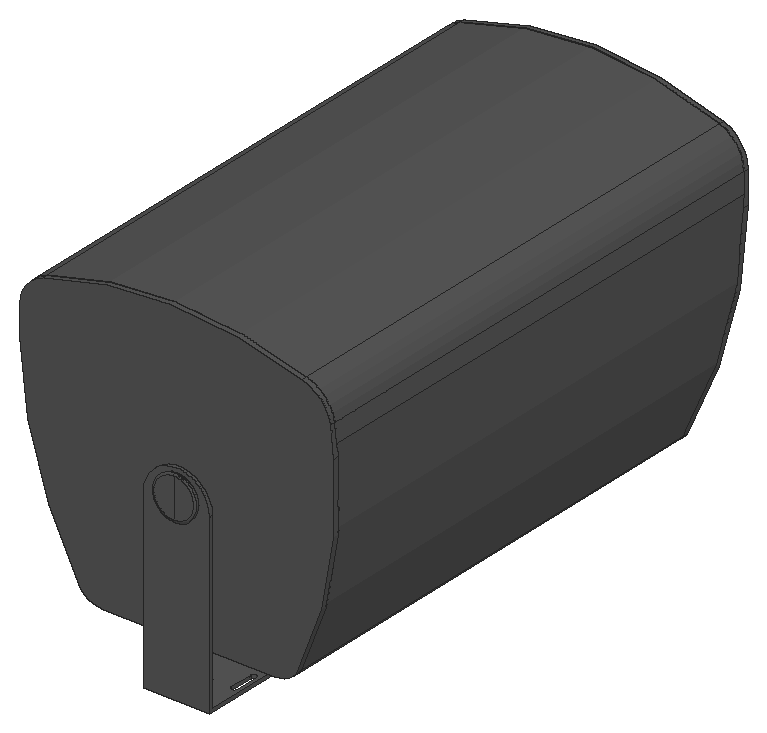
Revit family "Electronics_Desono_Biamp_Two-Way-High-Coaxial-Surface-Mount-Loudspeaker_EX-S10SUB", category Communication Devices, host Face, Revit 2020
Family settings
  Host = Face
  Maintain Annotation Orientation = No
  Round Connector Dimension = Use Diameter
  Part Type = Normal
  OmniClass Number = 23.85.10.11.14.14.14
  Cut with Voids When Loaded = No
  Shared = No
  Room Calculation Point = No
Parameters (values of type "EX-S10SUB-UB B")
  Width = 1' - 0.20472"  # constant formula
  Weight = 28.2192 lbf  # constant formula
  Vertical angle [instance] = 0.00°
  URL = "https://www.biamp.com/"
  Transducers = "LF  1 x 10 (250 mm) treated paper cone"  # constant formula
  Sensitivity = "89 dB (2.83 V); 89 dB (1 W, 8 Ω nominal impedance)"  # constant formula
  Rotate bracket [instance] = if(Portrait, 0.00°, 90.00°)  # 0.00°
  Required Accessory = "35 Hz, 18 dB high-pass flter; DSP preset"  # constant formula
  Recommended Amplifers = "300 W - 600 W, 8 Ω (49 V - 69 V)"  # constant formula
  Rated Maximum SPL = "UXO 80Hz -Peak - 122dB - Continuous 110dB; UXO125Hz - Peak - 123dB - Continuous - 111dB"  # constant formula
  Rated Continuous Voltage = "39.8 V (32 dBV)"  # constant formula
  Product data url = "https://bimobject.com/biamp/product/desono-ex-s10sub_desono-surface-mount"
  Product Page URL = "https://www.biamp.com/products/product-families/desono/surface-mount-loudspeakers#desono-ex-s10sub"
  Product Documentation Link = "https://downloads.biamp.com/assets/docs/default-source/data-sheets/biamp_data_sheet_desono_ex-s10sub_surface_mount_subwoofer_mar22.pdf"
  Portrait [instance] = yes
  Offset speaker [instance] = if(and(EXUB, Landscape), 0' 5.88189", if(and(EXUB, Portrait), 0' 4.90945", 1' 0.79528"))  # 0' - 4.90945"
  Offset [instance] = if(and(EXUB, Landscape), 0' 6.01969", if(and(EXUB, Portrait), 0' 7.00394", 0' 2.48425"))  # 0' - 7.00394"
  Nom Vertical angle [instance] = if(and(and(Portrait, not(EXUB)), or(Vertical angle < -32.00°, Vertical angle = -32.00°)), -32.00°, if(and(and(Portrait, not(EXUB)), and(Vertical angle > -32.00°, Vertical angle < 24.00°)), Vertical angle, if(and(and(Portrait, not(EXUB)), or(Vertical angle > 24.00°, Vertical angle = 24.00°)), 24.00°, if(and(and(Landscape, not(EXUB)), or(Vertical angle < -56.00°, Vertical angle = -56.00°)), -56.00°, if(and(and(Landscape, not(EXUB)), and(Vertical angle > -56.00°, Vertical angle < 40.00°)), Vertical angle, if(and(and(Landscape, not(EXUB)), or(Vertical angle > 40.00°, Vertical angle = 40.00°)), 40.00°, if(and(and(EXUB, Landscape), or(Vertical angle < -100.00°, Vertical angle = -100.00°)), -100.00°, if(and(and(EXUB, Landscape), and(Vertical angle > -100.00°, Vertical angle < 100.00°)), Vertical angle, if(and(and(EXUB, Landscape), or(Vertical angle > 100.00°, Vertical angle = 100.00°)), 100.00°, 0.00°)))))))))  # 0.00°
  Nom Horizontal angle [instance] = if(and(and(Portrait, not(EXUB)), or(Horizontal angle < -60.00°, Horizontal angle = -60.00°)), -60.00°, if(and(and(Portrait, not(EXUB)), and(Horizontal angle > -60.00°, Horizontal angle < 60.00°)), Horizontal angle, if(and(and(Portrait, not(EXUB)), or(Horizontal angle > 60.00°, Horizontal angle = 60.00°)), 60.00°, if(and(and(Landscape, not(EXUB)), or(Horizontal angle < -24.00°, Horizontal angle = -24.00°)), -24.00°, if(and(and(Landscape, not(EXUB)), and(Horizontal angle > -24.00°, Horizontal angle < 24.00°)), Horizontal angle, if(and(and(Landscape, not(EXUB)), or(Horizontal angle > 24.00°, Horizontal angle = 24.00°)), 24.00°, if(and(Landscape, EXUB), 0.00°, if(and(and(EXUB, Portrait), or(Horizontal angle < -100.00°, Horizontal angle = -100.00°)), -100.00°, if(and(and(EXUB, Portrait), and(Horizontal angle > -100.00°, Horizontal angle < 100.00°)), Horizontal angle, if(and(and(EXUB, Portrait), or(Horizontal angle > 100.00°, Horizontal angle = 100.00°)), 100.00°, 0.00°))))))))))  # 0.00°
  Operating Range (-10dB) = "38 Hz to 140 Hz"  # constant formula
  Operating Mode = "Passive, low impedance"  # constant formula
  Operating Environment = "Indoor/Outdoor"  # constant formula
  Nominal Maximum SPL = "UXO 80Hz -Peak - 118dB - Continuous 112dB; UXO125Hz - Peak - 119dB - Continuous - 113dB"  # constant formula
  Nominal Continuous Power Handling = "49 V  (300 W, 8 Ω)"  # constant formula
  Mounting Provisions = "ClickMount pan-tilt bracket or ClickMount U-Bracket"  # constant formula
  Model = "EX-S10SUB-UB B"
  Manufacturer = "Biamp"  # constant formula
  Landscape [instance] = not(Portrait)  # no
  Input Connection = "Lever-actuated wire clamping 4-position terminal block with pass-through"  # constant formula
  Housing Material = Biamp - Plastic - Black
  Horizontal angle [instance] = 0.00°
  Height = 1' - 8.82677"  # constant formula
  Grill Material = Biamp - Plastic - Black(Grid)
  Finish = "Refer to the Technical Drawings (pages 2-3)"  # constant formula
  Environmental Rating = "IP54 per IEC 60529, IEC 60068-2-5 (Solar Radiation),IEC 60068-2-11 (Salt Mist), IEC 60068-2-42 (SO2),IEC 60068-2-60 (Chlorine)"  # constant formula
  EXUB_PRT [instance] = and(EXUB, Portrait)  # yes
  EXUB_LSP [instance] = and(EXUB, Landscape)  # no
  EXUB = yes
  Description = "Desono™ EX-S10SUB High Output 10 Surface Mount Subwoofer"  # constant formula
  Depth = 1' - 0.28346"  # constant formula
  Default Elevation = 4' - 0"
  Crossover / Protection = "1.48 kHz crossover, driver protection circuitry"  # constant formula
  Connector Description = "Terminal block; 40V 200W 8Ω Nominal Impedance"  # constant formula
  Compliance = "ETL listed to comply with UL 1480A,CSA STD C22.2# 62368-1"  # constant formula
  CMX-LG = no
  Bracket Material = Biamp - Plastic - Black
  Transformer = "70 V: 120 W, 60 W, 30 W, 15 W;  100 V: 120 W, 60 W, 30 W"  # constant formula
  Nominal Beamwidth (H x V) = "Omnidirectional"  # constant formula
  Angle note [instance] = if(EXUB, "This product has predetermined angles in 10 degree increments", "This product has predetermined aiming increments of 8 degrees in the vertical plane and 12 degrees in the horizontal plane")  # "This product has predetermined angles in 10 degree increments"
Reference planes (in)
  plane 1 "Center (Front/Back)": y = 0
  plane 2: z = 0
  plane 3 "Center (Left/Right)": x = 0
Forms (in)
  Sweep 1, solid, material "Biamp - Plastic - Black" <- "Bracket Material", visible <- "EXUB", detail levels coarse
    path origin (0, 0, 0) x (0, 1, 0) y (-1, 0, 0)
      loop
        line (0, -1.30466) -> (0, 1.29377)
    profile origin (0.00545, 0, 0) x (0, -1, 0) y (0, 0, 1)
      loop
        line (10.62992, 0) -> (10.62992, 8.46457) -> (10.51181, 8.46457) -> (10.51181, 0.11811) -> (-10.51181, 0.11811) -> (-10.51181, 8.46457) -> (-10.62992, 8.46457) -> (-10.62992, 0) -> (10.62992, 0)
  Sweep 2, solid, material "Biamp - Plastic - Black" <- "Bracket Material", visible <- "EXUB", detail levels medium+fine
    path origin (0, 0, 0) x (0, 1, 0) y (-1, 0, 0)
      loop
        line (0, -1.30466) -> (0, 1.29377)
    profile origin (0.00545, 0, 0) x (0, -1, 0) y (0, 0, 1)
      loop
        line (10.17717, 0) -> (10.17717, 8.46457) -> (10.05906, 8.46457) -> (10.05906, 0.11811) -> (-10.05906, 0.11811) -> (-10.05906, 8.46457) -> (-10.17717, 8.46457) -> (-10.17717, 0) -> (10.17717, 0)
  Sweep 3, void
    path origin (0, 0, 0) x (0, 1, 0) y (-1, 0, 0)
      loop
        line (-10.62992, -0.00545) -> (10.62992, -0.00545)
    profile origin (0.00545, 0, 0) x (-1, 0, 0) y (0, 0, 1)
      loop
        line (1.29921, 6.88976) -> (1.29921, 8.46457) -> (-1.29921, 8.46457) -> (-1.29921, 6.88976)
        arc (-1.29921, 6.88976) -> (0, 8.18898) -> (1.29921, 6.88976) r 1.29921
  Sweep 4, void
    path origin (0, 0, 0) x (0, 1, 0) y (-1, 0, 0)
      loop
        line (-10.62992, -0.00545) -> (10.62992, -0.00545)
    profile origin (0.00545, 0, 0) x (-1, 0, 0) y (0, 0, 1)
      loop
        circle (0, 7.16535) r 0.19685
  Extrusion 5, void
    sketch origin (0, 0, 0) x (0, 1, 0) y (-1, 0, 0)
      loop
        circle (0, 0) r 0.25591
      loop
        arc (-8.9199, -0.08488) -> (-8.75984, -0.24494) -> (-8.59978, -0.08488) r 0.16006
        line (-8.59978, -0.08488) -> (-8.59978, 0.08488)
        arc (-8.59978, 0.08488) -> (-8.75984, 0.24494) -> (-8.9199, 0.08488) r 0.16006
        line (-8.9199, 0.08488) -> (-8.9199, -0.08488)
      loop
        arc (-8.63769, 1.16373) -> (-8.75984, 1.04158) -> (-8.63769, 0.91942) r 0.12216
        line (-8.63769, 0.91942) -> (-7.7009, 0.91942)
        arc (-7.7009, 0.91942) -> (-7.57874, 1.04158) -> (-7.7009, 1.16373) r 0.12216
        line (-7.7009, 1.16373) -> (-8.63769, 1.16373)
      loop
        line (-8.63769, -1.16373) -> (-7.7009, -1.16373)
        arc (-7.7009, -1.16373) -> (-7.57874, -1.04158) -> (-7.7009, -0.91942) r 0.12216
        line (-7.7009, -0.91942) -> (-8.63769, -0.91942)
        arc (-8.63769, -0.91942) -> (-8.75984, -1.04158) -> (-8.63769, -1.16373) r 0.12216
      loop
        arc (-3.07087, 0.25591) -> (-3.32677, 0) -> (-3.07087, -0.25591) r 0.25591
        line (-3.07087, -0.25591) -> (-2.20472, -0.25591)
        arc (-2.20472, -0.25591) -> (-1.94882, 0) -> (-2.20472, 0.25591) r 0.25591
        line (-2.20472, 0.25591) -> (-3.07087, 0.25591)
      loop
        line (8.9199, -0.08488) -> (8.9199, 0.08488)
        arc (8.9199, 0.08488) -> (8.75984, 0.24494) -> (8.59978, 0.08488) r 0.16006
        line (8.59978, 0.08488) -> (8.59978, -0.08488)
        arc (8.59978, -0.08488) -> (8.75984, -0.24494) -> (8.9199, -0.08488) r 0.16006
      loop
        line (8.63769, 1.16373) -> (7.7009, 1.16373)
        arc (7.7009, 1.16373) -> (7.57874, 1.04158) -> (7.7009, 0.91942) r 0.12216
        line (7.7009, 0.91942) -> (8.63769, 0.91942)
        arc (8.63769, 0.91942) -> (8.75984, 1.04158) -> (8.63769, 1.16373) r 0.12216
      loop
        arc (8.63769, -1.16373) -> (8.75984, -1.04158) -> (8.63769, -0.91942) r 0.12216
        line (8.63769, -0.91942) -> (7.7009, -0.91942)
        arc (7.7009, -0.91942) -> (7.57874, -1.04158) -> (7.7009, -1.16373) r 0.12216
        line (7.7009, -1.16373) -> (8.63769, -1.16373)
      loop
        line (3.07087, 0.25591) -> (2.20472, 0.25591)
        arc (2.20472, 0.25591) -> (1.94882, 0) -> (2.20472, -0.25591) r 0.25591
        line (2.20472, -0.25591) -> (3.07087, -0.25591)
        arc (3.07087, -0.25591) -> (3.32677, 0) -> (3.07087, 0.25591) r 0.25591
    from 0 to 0.63058
  Revolve 6, solid, material "Biamp - Plastic - Black" <- "Bracket Material", visible <- "EXUB", detail levels medium+fine
    sketch origin (0, 0, 0) x (0, 1, 0) y (0, 0, 1)
      loop
        line (10.17717, 7.35301) -> (9.78346, 7.35301) -> (9.78346, 7.16597) -> (10.2916, 7.16597) -> (10.2916, 7.94968)
        arc (10.2916, 7.94968) -> (10.28224, 7.99191) -> (10.25591, 8.02622) r 0.09992
        line (10.25591, 8.02622) -> (10.17717, 8.02622) -> (10.17717, 7.35301)
      loop
        line (-10.17717, 7.35301) -> (-10.17717, 8.02622) -> (-10.25591, 8.02622)
        arc (-10.25591, 8.02622) -> (-10.28224, 7.99191) -> (-10.2916, 7.94968) r 0.09992
        line (-10.2916, 7.94968) -> (-10.2916, 7.16597) -> (-9.78346, 7.16597) -> (-9.78346, 7.35301) -> (-10.17717, 7.35301)
      axis (10.2916, 7.16597) -> (-10.2916, 7.16597)
    angle from 0 to 360
Cuts and joins
  Sweep 3, Sweep 4, Extrusion 5 cuts Sweep 2
  Extrusion 5 cuts Sweep 1
Lines and regions (in)
  Masking region 1, visible <- "EXUB_PRT"
    outline origin (0, 0, 0) x (1, 0, 0) y (0, 0, 1)
      loop
        arc (0.00545, 8.18898) -> (-0.91323, 7.80845) -> (-1.29377, 6.88976) r 1.29921
        line (-1.29377, 6.88976) -> (-1.29377, 0) -> (1.30466, 0) -> (1.30466, 6.88976)
        arc (1.30466, 6.88976) -> (0.92413, 7.80845) -> (0.00545, 8.18898) r 1.29921
  Masking region 2, visible <- "EXUB_PRT"
    outline origin (0, 0, 1.22109) x (1, 0, 0) y (0, 0, 1)
      loop
        circle (0, 5.94488) r 0.86025
  Masking region 3, visible <- "EXUB_LSP", detail levels medium+fine
    outline origin (0, 0, 0) x (1, 0, 0) y (0, 0, 1)
      loop
        line (-10.05906, 0.11811) -> (-10.05906, 8.1823) -> (-10.17717, 8.1823) -> (-10.17717, 0) -> (10.17717, 0) -> (10.17717, 8.1823) -> (10.05906, 8.1823) -> (10.05906, 0.11811) -> (-10.05906, 0.11811)
  Masking region 4, visible <- "EXUB_LSP", detail levels coarse
    outline origin (0, 0, 0) x (1, 0, 0) y (0, 0, 1)
      loop
        line (-10.05906, 0.11811) -> (-10.05906, 8.1823) -> (-10.17717, 8.1823) -> (-10.17717, 0) -> (10.17717, 0) -> (10.17717, 8.1823) -> (10.05906, 8.1823) -> (10.05906, 0.11811) -> (-10.05906, 0.11811)
  Masking region 5, visible <- "EXUB_LSP", detail levels medium+fine
    outline origin (0, 0, 0) x (1, 0, 0) y (0, 0, 1)
      loop
        line (-10.17717, 8.02622) -> (-10.25591, 8.02622)
        arc (-10.25591, 8.02622) -> (-10.28405, 7.99094) -> (-10.2941, 7.94693) r 0.10141
        line (-10.2941, 7.94693) -> (-10.2941, 6.38501)
        arc (-10.2941, 6.38501) -> (-10.28405, 6.341) -> (-10.25591, 6.30572) r 0.10141
        line (-10.25591, 6.30572) -> (-10.17717, 6.30572) -> (-10.17717, 6.97893) -> (-9.78346, 6.97893) -> (-9.78346, 7.35301) -> (-10.17717, 7.35301) -> (-10.17717, 8.02622)
      loop
        line (10.17717, 8.02622) -> (10.17717, 7.35301) -> (9.78346, 7.35301) -> (9.78346, 6.97893) -> (10.17717, 6.97893) -> (10.17717, 6.30572) -> (10.25591, 6.30572)
        arc (10.25591, 6.30572) -> (10.28405, 6.341) -> (10.2941, 6.38501) r 0.10141
        line (10.2941, 6.38501) -> (10.2941, 7.94693)
        arc (10.2941, 7.94693) -> (10.28405, 7.99094) -> (10.25591, 8.02622) r 0.10141
        line (10.25591, 8.02622) -> (10.17717, 8.02622)
  Masking region 6, visible <- "EXUB_PRT", detail levels medium+fine
    outline origin (0, 0, 0) x (0, 1, 0) y (0, 0, 1)
      loop
        line (10.17717, 8.18898) -> (10.05906, 8.18898) -> (10.05906, 0.11811) -> (-10.05906, 0.11811) -> (-10.05906, 8.18898) -> (-10.17717, 8.18898) -> (-10.17717, 0) -> (10.17717, 0) -> (10.17717, 8.18898)
  Masking region 7, visible <- "EXUB_PRT", detail levels coarse
    outline origin (0, 0, 0) x (0, 1, 0) y (0, 0, 1)
      loop
        line (10.17717, 8.18898) -> (10.05906, 8.18898) -> (10.05906, 0.11811) -> (-10.05906, 0.11811) -> (-10.05906, 8.18898) -> (-10.17717, 8.18898) -> (-10.17717, 0) -> (10.17717, 0) -> (10.17717, 8.18898)
  Masking region 8, visible <- "EXUB_PRT", detail levels medium+fine
    outline origin (0, 0, 0) x (0, 1, 0) y (0, 0, 1)
      loop
        line (10.17717, 8.02622) -> (10.17717, 7.35301) -> (9.78346, 7.35301) -> (9.78346, 6.97893) -> (10.17717, 6.97893) -> (10.17717, 6.30572) -> (10.25591, 6.30572)
        arc (10.25591, 6.30572) -> (10.28286, 6.34813) -> (10.29228, 6.39749) r 0.13396
        line (10.29228, 6.39749) -> (10.29228, 7.93445)
        arc (10.29228, 7.93445) -> (10.28286, 7.98381) -> (10.25591, 8.02622) r 0.13396
        line (10.25591, 8.02622) -> (10.17717, 8.02622)
      loop
        line (-10.17717, 8.02622) -> (-10.25591, 8.02622)
        arc (-10.25591, 8.02622) -> (-10.28286, 7.98381) -> (-10.29228, 7.93445) r 0.13396
        line (-10.29228, 7.93445) -> (-10.29228, 6.39749)
        arc (-10.29228, 6.39749) -> (-10.28286, 6.34813) -> (-10.25591, 6.30572) r 0.13396
        line (-10.25591, 6.30572) -> (-10.17717, 6.30572) -> (-10.17717, 6.97893) -> (-9.78346, 6.97893) -> (-9.78346, 7.35301) -> (-10.17717, 7.35301) -> (-10.17717, 8.02622)
  Masking region 9, visible <- "EXUB_LSP"
    outline origin (0, 0, 0) x (0, 1, 0) y (0, 0, 1)
      loop
        arc (-0.00545, 8.18898) -> (-0.92413, 7.80845) -> (-1.30466, 6.88976) r 1.29921
        line (-1.30466, 6.88976) -> (-1.30466, 0) -> (1.29377, 0) -> (1.29377, 6.88976)
        arc (1.29377, 6.88976) -> (0.91323, 7.80845) -> (-0.00545, 8.18898) r 1.29921
  Masking region 10, visible <- "EXUB_LSP"
    outline origin (0, 0, 0) x (0, 1, 0) y (0, 0, 1)
      loop
        circle (0, 7.16597) r 0.86025
  reference lines
    curve 1: line (0, 0, 0) -> (0, 23.62205, 0)
Dimensions and locks (in)
  "Rotate bracket": angle curve 1 to plane 3 "Center (Left/Right)"
  aligned and locked: plane 2 to host face
  aligned and locked: level to host face
  aligned and locked: plane 1 "Center (Front/Back)" to curve 1
  aligned and locked: plane 3 "Center (Left/Right)" to curve 1
Automatic sketch dimensions
  host sketch curve to host sketch curve = 8' - 0"  (x2)
  curve 1 to Sweep 1 sketch curve = 0' - 0"
  curve 1 to Sweep 1 sketch curve = 0' - 1.30466"
  Sweep 1 sketch curve to Sweep 1 sketch curve = 0' - 2.59843"
  Sweep 2 sketch curve to curve 1 = 0' - 0"
  Sweep 2 sketch curve to curve 1 = 0' - 1.30466"
  curve 1 to Sweep 2 sketch curve = 0' - 1.29377"
  Sweep 3 sketch curve to profile plane = 0' - 0"
  Sweep 3 sketch curve to profile plane = 0' - 1.29921"
  level to Sweep 3 sketch curve = 0' - 6.88976"
  Sweep 3 sketch curve to Sweep 3 sketch curve = 0' - 1.5748"
  curve 1 to Sweep 4 sketch curve = 0' - 0.00545"
  Sweep 4 sketch curve to curve 1 = 0' - 10.62992"
  curve 1 to Sweep 4 sketch curve = 0' - 10.62992"
  curve 1 to Sweep 3 sketch curve = 0' - 0.00545"
  Sweep 3 sketch curve to curve 1 = 0' - 10.62992"
  curve 1 to Sweep 3 sketch curve = 0' - 10.62992"
  Extrusion 5 sketch curve to curve 1 = 0' - 0"  (x3)
  curve 1 to Extrusion 5 sketch curve = 0' - 0"
  Extrusion 5 sketch curve to Extrusion 5 sketch curve = 0' - 2.20472"
  curve 1 to Extrusion 5 sketch curve = 0' - 0.25591"  (x2)
  Extrusion 5 sketch curve to Extrusion 5 sketch curve = 0' - 0.86614"  (x2)
  curve 1 to Extrusion 5 sketch curve = 0' - 1.04158"
  Extrusion 5 sketch curve to Extrusion 5 sketch curve = 0' - 4.63003"  (x2)
  Extrusion 5 sketch curve to curve 1 = 0' - 0.91942"
  Extrusion 5 sketch curve to Extrusion 5 sketch curve = 0' - 0"  (x2)
  Extrusion 5 sketch curve to curve 1 = 0' - 0.08488"  (x2)
  Extrusion 5 sketch curve to Extrusion 5 sketch curve = 0' - 0.89889"  (x2)
  Extrusion 5 sketch curve to Extrusion 5 sketch curve = 0' - 0.93679"  (x3)
  Extrusion 5 sketch curve to Extrusion 5 sketch curve = 0' - 0.16006"  (x2)
  curve 1 to Extrusion 5 sketch curve = 0' - 2.20472"
  curve 1 to Extrusion 5 sketch curve = 0' - 0.91942"
  Extrusion 5 sketch curve to curve 1 = 0' - 1.16373"
  Extrusion 5 sketch curve to Extrusion 5 sketch curve = 0' - 0.03791"
  Extrusion 5 sketch curve to Extrusion 5 sketch curve = 0' - 0.24431"  (x2)
  Extrusion 5 sketch curve to Extrusion 5 sketch curve = 0' - 0.12216"  (x2)
  curve 1 to Extrusion 5 sketch curve = 0' - 0.08488"  (x2)
  Revolve 6 sketch curve to curve 1 = 0' - 10.2916"
  Revolve 6 sketch curve to Revolve 6 sketch curve = 0' - 0.03569"  (x2)
  Revolve 6 sketch curve to Revolve 6 sketch curve = 0' - 0.06423"
  Revolve 6 sketch curve to Revolve 6 sketch curve = 0' - 0.11443"
  Revolve 6 sketch curve to Revolve 6 sketch curve = 0' - 0.3937"  (x2)
  curve 1 to Revolve 6 sketch curve = 0' - 9.78346"
  Revolve 6 sketch curve to Revolve 6 sketch curve = 0' - 0.01451"
  Revolve 6 sketch curve to Revolve 6 sketch curve = 0' - 0.07874"
  Revolve 6 sketch curve to curve 1 = 0' - 7.16597"  (x2)
  Revolve 6 sketch curve to Revolve 6 sketch curve = 0' - 0.18704"  (x2)
  Revolve 6 sketch curve to Revolve 6 sketch curve = 0' - 0.59667"  (x2)
  Revolve 6 sketch curve to Revolve 6 sketch curve = 0' - 0.21341"
  Revolve 6 sketch curve to Revolve 6 sketch curve = 0' - 0.35129"
  Revolve 6 sketch curve to Revolve 6 sketch curve = 0' - 0"
  Masking region 1 sketch curve to Masking region 1 sketch curve = 0' - 0"  (x2)
  Masking region 1 sketch curve to level = 0' - 0"
  Masking region 1 sketch curve to plane 3 "Center (Left/Right)" = 0' - 1.29377"
  plane 3 "Center (Left/Right)" to Masking region 1 sketch curve = 0' - 0.00545"
  Masking region 1 sketch curve to Masking region 1 sketch curve = 0' - 6.88976"
  Masking region 2 sketch curve to Masking region 2 sketch curve = 0' - 0"  (x2)
  Masking region 2 sketch curve to plane 3 "Center (Left/Right)" = 0' - 0"
  level to Masking region 2 sketch curve = 0' - 7.16597"
  Masking region 2 sketch curve to Masking region 2 sketch curve = 0' - 0.86025"
  Masking region 3 sketch curve to level = 0' - 0"
  Masking region 3 sketch curve to plane 3 "Center (Left/Right)" = 0' - 10.17717"
  Masking region 3 sketch curve to Masking region 3 sketch curve = 0' - 0.11811"  (x2)
  level to Masking region 3 sketch curve = 0' - 0.11811"
  plane 3 "Center (Left/Right)" to Masking region 3 sketch curve = 0' - 10.05906"
  Masking region 3 sketch curve to Masking region 3 sketch curve = 0' - 8.06419"  (x2)
  Masking region 4 sketch curve to level = 0' - 0"
  Masking region 4 sketch curve to plane 3 "Center (Left/Right)" = 0' - 10.17717"
  Masking region 4 sketch curve to Masking region 4 sketch curve = 0' - 0.11811"  (x2)
  plane 3 "Center (Left/Right)" to Masking region 4 sketch curve = 0' - 10.05906"
  level to Masking region 4 sketch curve = 0' - 0.11811"
  Masking region 4 sketch curve to Masking region 4 sketch curve = 0' - 8.06419"  (x2)
  Masking region 5 sketch curve to plane 3 "Center (Left/Right)" = 0' - 10.2941"
  Masking region 5 sketch curve to Masking region 5 sketch curve = 0' - 0.0382"  (x3)
  Masking region 5 sketch curve to Masking region 5 sketch curve = 0' - 0.06321"
  Masking region 5 sketch curve to Masking region 5 sketch curve = 0' - 0.10141"
  Masking region 5 sketch curve to Masking region 5 sketch curve = 0' - 0.01553"  (x3)
  Masking region 5 sketch curve to Masking region 5 sketch curve = 0' - 0.07874"  (x3)
  Masking region 5 sketch curve to Masking region 5 sketch curve = 0' - 0.3937"  (x2)
  plane 3 "Center (Left/Right)" to Masking region 5 sketch curve = 0' - 9.78346"
  Masking region 5 sketch curve to Masking region 5 sketch curve = 0' - 0"
  level to Masking region 5 sketch curve = 0' - 6.30572"  (x2)
  Masking region 5 sketch curve to Masking region 5 sketch curve = 0' - 0.59392"  (x4)
  Masking region 5 sketch curve to Masking region 5 sketch curve = 0' - 0.37408"  (x2)
  Masking region 6 sketch curve to level = 0' - 0"
  plane 1 "Center (Front/Back)" to Masking region 6 sketch curve = 0' - 10.17717"
  Masking region 6 sketch curve to Masking region 6 sketch curve = 0' - 0.11811"  (x2)
  Masking region 6 sketch curve to plane 1 "Center (Front/Back)" = 0' - 10.05906"
  level to Masking region 6 sketch curve = 0' - 0.11811"
  Masking region 6 sketch curve to Masking region 6 sketch curve = 0' - 8.07087"  (x2)
  Masking region 7 sketch curve to level = 0' - 0"
  plane 1 "Center (Front/Back)" to Masking region 7 sketch curve = 0' - 10.17717"
  Masking region 7 sketch curve to Masking region 7 sketch curve = 0' - 0.11811"  (x2)
  Masking region 7 sketch curve to plane 1 "Center (Front/Back)" = 0' - 10.05906"
  level to Masking region 7 sketch curve = 0' - 0.11811"
  Masking region 7 sketch curve to Masking region 7 sketch curve = 0' - 8.07087"  (x2)
  plane 1 "Center (Front/Back)" to Masking region 8 sketch curve = 0' - 10.29228"
  Masking region 8 sketch curve to Masking region 8 sketch curve = 0' - 0.03638"  (x3)
  Masking region 8 sketch curve to Masking region 8 sketch curve = 0' - 0.07874"  (x4)
  Masking region 8 sketch curve to Masking region 8 sketch curve = 0' - 0.01884"  (x4)
  Masking region 8 sketch curve to Masking region 8 sketch curve = 0' - 0.3937"
  Masking region 8 sketch curve to plane 1 "Center (Front/Back)" = 0' - 9.78346"
  Masking region 8 sketch curve to Masking region 8 sketch curve = 0' - 0.37486"  (x2)
  level to Masking region 8 sketch curve = 0' - 6.30572"  (x2)
  Masking region 8 sketch curve to Masking region 8 sketch curve = 0' - 0.58144"  (x4)
  Masking region 8 sketch curve to Masking region 8 sketch curve = 0' - 0.37408"  (x2)
  Masking region 9 sketch curve to Masking region 9 sketch curve = 0' - 0"  (x2)
  Masking region 9 sketch curve to level = 0' - 0"
  plane 1 "Center (Front/Back)" to Masking region 9 sketch curve = 0' - 1.30466"
  plane 1 "Center (Front/Back)" to Masking region 9 sketch curve = 0' - 0.00545"
  Masking region 9 sketch curve to Masking region 9 sketch curve = 0' - 6.88976"
  Masking region 10 sketch curve to Masking region 10 sketch curve = 0' - 0"  (x2)
  Masking region 10 sketch curve to plane 1 "Center (Front/Back)" = 0' - 0"
  level to Masking region 10 sketch curve = 0' - 7.16597"
  Masking region 10 sketch curve to Masking region 10 sketch curve = 0' - 0.86025"
  Sweep 1 sketch curve to profile plane = 0' - 0"
  profile plane to Sweep 1 sketch curve = 0' - 10.62992"
  Sweep 1 sketch curve to Sweep 1 sketch curve = 0' - 0.11811"  (x2)
  Sweep 1 sketch curve to profile plane = 0' - 10.51181"
  profile plane to Sweep 1 sketch curve = 0' - 0.11811"
  Sweep 1 sketch curve to Sweep 1 sketch curve = 0' - 8.34646"  (x2)
  Sweep 4 sketch curve to profile plane = 0' - 0"
  profile plane to Sweep 4 sketch curve = 0' - 7.16535"
  Sweep 2 sketch curve to profile plane = 0' - 0"
  profile plane to Sweep 2 sketch curve = 0' - 10.17717"
  Sweep 2 sketch curve to Sweep 2 sketch curve = 0' - 0.11811"  (x2)
  Sweep 2 sketch curve to profile plane = 0' - 10.05906"
  profile plane to Sweep 2 sketch curve = 0' - 0.11811"
  Sweep 2 sketch curve to Sweep 2 sketch curve = 0' - 8.34646"  (x2)
  radius of Extrusion 5 sketch curve = 0' - 0.25591"
  radius of Sweep 4 sketch curve = 0' - 0.19685"
Nested families (in)
  nested 1: "CMX-LG" at (0, 0, 0) x (0, 1, 0) z (0, 0, 1), Vertical angle <- "Nom Vertical angle", Horizontal angle <- "Nom Horizontal angle", Housing Material <- "Bracket Material", Vertical <- "Portrait", Offset <- "Offset", visible <- "CMX-LG", type "CMX-LG"
    with Vertical angle 0.00°, Vertical yes, Offset 0' - 7.00394", Housing Material Biamp - Plastic - Black, Horizontal angle 0.00°
  nested 2: "EX-S10" at (0, -0.00545, 1.97667) x (0, -1, 0) z (0, 0, 1), Offset <- "Offset speaker", Housing Material <- "Housing Material", Grill Material <- "Grill Material", type "EX-S10"
    with Offset 0' - 4.90945", Housing Material Biamp - Plastic - Black, Grill Material Biamp - Plastic - Black(Grid)
Connectors (in)
  electrical at (0, -0.00545, 1.86643), driven by "Connector Description"
    settings: on nested 2, index 1, voltage 0 V, apparent load 0 VA, apparent load phase1 0 VA, apparent load phase2 0 VA, apparent load phase3 0 VA, power factor 1, load classification "Other", number of poles 1, system type 5, power factor state 1, is connector primary yes, connector utility no, sub classification motor no, connector description "Terminal block; 40V 200W 8Ω Nominal Impedance"
Definition of nested family "CMX-LG"
  Parameters (values of type "CMX-LG")
    Horizontal angle [instance] = 0.00°
    Vertical [instance] = yes
    Offset [instance] = 0' - 2.48251"
    Housing Material [instance] = none
    Vertical angle [instance] = 30.00°
    Height = 0' - 0"
    Default Elevation = 4' - 0"
  Reference planes (in)
    plane 1 "Center (Front/Back)": y = 0
    plane 2: z = 0
    plane 3 "Center (Left/Right)": x = 0
    plane 4: z = 2.48251
  Forms (in)
    Extrusion 1, solid, material <- "Housing Material", detail levels coarse
      sketch origin (0, 0, 0) x (1, 0, 0) y (0, 1, 0)
        loop
          line (-3.14961, 2.20472) -> (-3.14961, -2.20472) -> (3.14961, -2.20472) -> (3.14961, 2.20472) -> (-3.14961, 2.20472)
      from 0 to 0.7874
    Extrusion 2, solid, material <- "Housing Material", detail levels medium+fine
      sketch origin (0, 0, 0) x (0, 1, 0) y (0, 0, 1)
        loop
          line (2.20472, 0) -> (2.20472, 0.16467)
          arc (2.20472, 0.16467) -> (2.08252, 0.49404) -> (1.77506, 0.664) r 0.50499
          arc (1.77506, 0.664) -> (0, 0.79714) -> (-1.77506, 0.664) r 11.90021
          arc (-1.77506, 0.664) -> (-2.08252, 0.49404) -> (-2.20472, 0.16467) r 0.50499
          line (-2.20472, 0.16467) -> (-2.20472, 0) -> (2.20472, 0)
      from -3.14961 to 3.14961
    Extrusion 3, void
      sketch origin (0, 0, 0) x (1, 0, 0) y (0, 0, 1)
        loop
          line (-3.16909, -0.41986) -> (-2.97047, 0.70657)
          arc (-2.97047, 0.70657) -> (-2.96479, 0.7235) -> (-2.95439, 0.73801) r 0.06004
          arc (-2.95439, 0.73801) -> (-2.90688, 0.77646) -> (-2.85166, 0.80264) r 0.25769
          line (-2.85166, 0.80264) -> (-2.85166, 0.98425) -> (-3.16909, 0.98425) -> (-3.16909, -0.41986)
        loop
          line (3.16909, -0.41986) -> (3.16909, 0.98425) -> (2.85166, 0.98425) -> (2.85166, 0.80264)
          arc (2.85166, 0.80264) -> (2.90688, 0.77646) -> (2.95439, 0.73801) r 0.25769
          arc (2.95439, 0.73801) -> (2.96479, 0.7235) -> (2.97047, 0.70657) r 0.06004
          line (2.97047, 0.70657) -> (3.16909, -0.41986)
      from -2.51902 to 2.58709
    Extrusion 4, void
      sketch origin (0, 0, 0) x (1, 0, 0) y (0, 1, 0)
        loop
          arc (-1.22638, 1.30118) -> (-1.50477, 1.18587) -> (-1.62008, 0.90748) r 0.3937
          line (-1.62008, 0.90748) -> (-1.62008, -0.90748)
          arc (-1.62008, -0.90748) -> (-1.50477, -1.18587) -> (-1.22638, -1.30118) r 0.3937
          line (-1.22638, -1.30118) -> (1.22638, -1.30118)
          arc (1.22638, -1.30118) -> (1.50477, -1.18587) -> (1.62008, -0.90748) r 0.3937
          line (1.62008, -0.90748) -> (1.62008, 0.90748)
          arc (1.62008, 0.90748) -> (1.50477, 1.18587) -> (1.22638, 1.30118) r 0.3937
          line (1.22638, 1.30118) -> (-1.22638, 1.30118)
      from 0.63058 to 0.89388
    Extrusion 5, void
      sketch origin (4.52756, 0, 0) x (0, 0, -1) y (-1, 0, 0)
        loop
          line (-3.14571, 6.10236) -> (-3.14571, 5.70897) -> (-0.63058, 6.10236) -> (-3.14571, 6.10236)
        loop
          line (-3.14571, 2.95276) -> (-0.63058, 2.95276) -> (-3.14571, 3.34615) -> (-3.14571, 2.95276)
        loop
          line (-3.14571, 3.83858) -> (-0.63058, 3.83858) -> (-0.63058, 5.21654) -> (-3.14571, 5.21654) -> (-3.14571, 3.83858)
      from -1.07372 to 1.09078
    Extrusion 6, void
      sketch origin (4.52756, 0, 0) x (0, 0, -1) y (0, -1, 0)
        loop
          circle (-2.50709, 0) r 0.41339
      from 1.95353 to 6.5829
    Sweep 7, solid, material <- "Housing Material"
      path origin (0, 0, 0) x (1, 0, 0) y (0, 1, 0)
        loop
          line (-1.5748, -0.00067) -> (1.5748, -0.00067)
      profile origin (0, -0.00067, 0) x (0, 1, 0) y (0, 0, 1)
        loop
          spline (0.96497, 0.63058) -> (0.95293, 0.75507) -> (0.93919, 0.87939) -> (0.92376, 1.00352) -> (0.90663, 1.12744) -> (0.88781, 1.25113) -> (0.86731, 1.37455) -> (0.84512, 1.4977) -> (0.82125, 1.62055) -> (0.79571, 1.74307) -> (0.76849, 1.86525) -> (0.73962, 1.98707) -> (0.70908, 2.10849)
          arc (0.70908, 2.10849) -> (0.6212, 2.42467) -> (0.52208, 2.73751) r 9.1808
          arc (0.52208, 2.73751) -> (0.00077, 3.11001) -> (-0.52068, 2.73771) r 0.55118
          arc (-0.52068, 2.73771) -> (-0.80585, 1.69792) -> (-0.95843, 0.63058) r 8.58394
          line (-0.95843, 0.63058) -> (0.96497, 0.63058)
  Cuts and joins
    Extrusion 3, Extrusion 4, Extrusion 5 cuts Extrusion 2
    Extrusion 4, Extrusion 5, Extrusion 6 cuts Extrusion 1
    Extrusion 5, Extrusion 6 cuts Sweep 7
  Lines and regions (in)
    Masking region 1
      outline origin (0, 0, 0) x (1, 0, 0) y (0, 1, 0)
        loop
          line (-3.14961, 2.20472) -> (-3.14961, -2.20472) -> (3.14961, -2.20472) -> (3.14961, 2.20472) -> (-3.14961, 2.20472)
    Masking region 2
      outline origin (4.52756, 0, 0) x (0, 0, 1) y (-1, 0, 0)
        loop
          line (0, 1.41478) -> (0.78774, 1.59452) -> (0.78774, 2.86676) -> (3.1211, 3.36274) -> (3.1211, 3.84222) -> (0.78774, 3.84222) -> (0.78774, 5.22017) -> (3.1211, 5.22017) -> (3.1211, 5.72426) -> (0.78774, 6.22023) -> (0.78774, 7.48383) -> (0, 7.62273) -> (0, 1.41478)
    Masking region 3
      outline origin (4.52756, 0, 0) x (0, 0, 1) y (0, -1, 0)
        loop
          line (0, 2.20732) -> (0, -2.21591) -> (0.16467, -2.21591)
          arc (0.16467, -2.21591) -> (0.49404, -2.09371) -> (0.664, -1.78625) r 0.50499
          arc (0.664, -1.78625) -> (0.79765, -0.0043) -> (0.664, 1.77766) r 11.9464
          arc (0.664, 1.77766) -> (0.49404, 2.08512) -> (0.16467, 2.20732) r 0.50499
          line (0.16467, 2.20732) -> (0, 2.20732)
    Masking region 4
      outline origin (4.52756, 0, 0) x (0, 0, 1) y (0, -1, 0)
        loop
          arc (2.73329, 0.51814) -> (3.10782, 0.02852) -> (2.79414, -0.50215) r 0.55118
          arc (2.79414, -0.50215) -> (2.45372, -0.61185) -> (2.10928, -0.7082) r 9.1808
          spline (2.10928, -0.7082) -> (1.99835, -0.73618) -> (1.8871, -0.76278) -> (1.77553, -0.78798) -> (1.66368, -0.81179) -> (1.55155, -0.8342) -> (1.43915, -0.85522) -> (1.32652, -0.87482) -> (1.21366, -0.89303) -> (1.10059, -0.90982) -> (0.98733, -0.9252) -> (0.87389, -0.93917) -> (0.7603, -0.95172)
          arc (0.7603, -0.95172) -> (0.80073, 0.00005) -> (0.75956, 0.95179) r 11.12158
          spline (0.75956, 0.95179) -> (0.87321, 0.93925) -> (0.98671, 0.92528) -> (1.10003, 0.9099) -> (1.21317, 0.8931) -> (1.32609, 0.8749) -> (1.43879, 0.85528) -> (1.55124, 0.83426) -> (1.66343, 0.81184) -> (1.77535, 0.78802) -> (1.88698, 0.76281) -> (1.99829, 0.7362) -> (2.10928, 0.7082)
          arc (2.10928, 0.7082) -> (2.42365, 0.62084) -> (2.73471, 0.52236) r 9.1808
    reference lines
      curve 1: line (0, 0, 2.48251) -> (0, 0, 3.4685)
      curve 2: line (4.52756, 0, 0) -> (4.52756, 0, 0.59055)
      curve 3: line (-0.70451, 0, 3.4685) -> (0.47659, 0, 3.4685)
      curve 4: line (0, 0, 3.4685) -> (0.46556, 0, 4.27488)
  Dimensions and locks (in)
    "Offset": plane 4 to plane 2
    "Horizontal angle": angle plane 1 "Center (Front/Back)" to curve 1
    "Vertical angle": angle curve 4 to curve 1
    aligned and locked: level to plane 2
    aligned and locked: plane 4 to curve 1
    aligned and locked: plane 1 "Center (Front/Back)" to curve 1
    aligned and locked: curve 3 to curve 4
    aligned and locked: curve 1 to curve 4
  Automatic sketch dimensions
    Extrusion 1 sketch curve to plane 3 "Center (Left/Right)" = 0' - 3.14961"
    plane 3 "Center (Left/Right)" to Extrusion 1 sketch curve = 0' - 3.14961"
    plane 1 "Center (Front/Back)" to Extrusion 1 sketch curve = 0' - 2.20472"
    Extrusion 1 sketch curve to plane 1 "Center (Front/Back)" = 0' - 2.20472"
    plane 1 "Center (Front/Back)" to Extrusion 4 sketch curve = 0' - 0.90748"
    Extrusion 4 sketch curve to plane 3 "Center (Left/Right)" = 0' - 1.62008"
    Extrusion 4 sketch curve to Extrusion 4 sketch curve = 0' - 0.3937"  (x3)
    plane 3 "Center (Left/Right)" to Extrusion 4 sketch curve = 0' - 1.22638"  (x2)
    Extrusion 4 sketch curve to plane 1 "Center (Front/Back)" = 0' - 0.90748"
    plane 1 "Center (Front/Back)" to Sweep 7 sketch curve = 0' - 0.00067"
    Sweep 7 sketch curve to plane 3 "Center (Left/Right)" = 0' - 1.5748"
    plane 3 "Center (Left/Right)" to Sweep 7 sketch curve = 0' - 1.5748"
    Sweep 7 sketch curve to level = 0' - 0 49/256"
    profile plane to Sweep 7 sketch curve = 0' - 8.17898"
    Sweep 7 sketch curve to profile plane = 0' - 0.00067"
    level to Sweep 7 sketch curve = 0' - 0.63058"
    Sweep 7 sketch curve to profile plane = 0' - 0.96497"
    Sweep 7 sketch curve to level = 0' - 0.04808"
    Sweep 7 sketch curve to Sweep 7 sketch curve = 0' - 1.92825"
    Sweep 7 sketch curve to level = 0' - 0.18883"
    Sweep 7 sketch curve to Sweep 7 sketch curve = 0' - 0.39114"
    profile plane to Sweep 7 sketch curve = 0' - 0.95843"
    Sweep 7 sketch curve to Sweep 7 sketch curve = 0' - 0.52135"
    Sweep 7 sketch curve to Sweep 7 sketch curve = 0' - 0"
    Sweep 7 sketch curve to profile plane = 0' - 0.52208"
    Sweep 7 sketch curve to Sweep 7 sketch curve = 0' - 0.18699"
    Masking region 1 sketch curve to plane 3 "Center (Left/Right)" = 0' - 3.14961"
    plane 3 "Center (Left/Right)" to Masking region 1 sketch curve = 0' - 3.14961"
    plane 1 "Center (Front/Back)" to Masking region 1 sketch curve = 0' - 2.20472"
    Masking region 1 sketch curve to plane 1 "Center (Front/Back)" = 0' - 2.20472"
    Extrusion 2 sketch curve to level = 0' - 0"
    Extrusion 2 sketch curve to plane 1 "Center (Front/Back)" = 0' - 0"
    level to Extrusion 2 sketch curve = 0' - 0.16467"  (x2)
    plane 1 "Center (Front/Back)" to Extrusion 2 sketch curve = 0' - 1.69974"
    Extrusion 2 sketch curve to Extrusion 2 sketch curve = 0' - 0.50499"
    Extrusion 2 sketch curve to Extrusion 2 sketch curve = 0' - 0.07532"  (x2)
    Extrusion 2 sketch curve to Extrusion 2 sketch curve = 0' - 0"  (x2)
    level to Extrusion 3 sketch curve = 0' - 0.98425"
    Extrusion 3 sketch curve to plane 3 "Center (Left/Right)" = 0' - 3.16909"
    level to Extrusion 3 sketch curve = 0' - 0.70657"  (x2)
    Extrusion 3 sketch curve to Extrusion 3 sketch curve = 0' - 0.19862"
    Extrusion 3 sketch curve to Extrusion 3 sketch curve = 0' - 0.05912"  (x2)
    Extrusion 3 sketch curve to Extrusion 3 sketch curve = 0' - 0.05969"  (x2)
    Extrusion 3 sketch curve to Extrusion 3 sketch curve = 0' - 0.14169"
    level to Extrusion 3 sketch curve = 0' - 0.55835"
    plane 3 "Center (Left/Right)" to Extrusion 3 sketch curve = 0' - 2.76965"
    Extrusion 3 sketch curve to Extrusion 3 sketch curve = 0' - 0.08201"
    Extrusion 3 sketch curve to Extrusion 3 sketch curve = 0' - 0.31743"
    Extrusion 3 sketch curve to Extrusion 3 sketch curve = 0' - 0.14823"
    Extrusion 3 sketch curve to level = 0' - 0.41986"  (x2)
    Extrusion 3 sketch curve to Extrusion 3 sketch curve = 0' - 0.01043"  (x2)
    Extrusion 3 sketch curve to Extrusion 3 sketch curve = 0' - 0.06463"  (x2)
    Extrusion 3 sketch curve to Extrusion 3 sketch curve = 0' - 0.24625"
    curve 2 to level = 0' - 0"
    level to curve 2 = 0' - 0.59055"
    plane 3 "Center (Left/Right)" to curve 2 = 0' - 4.52756"
    Masking region 2 sketch curve to curve 2 = 0' - 0"
    curve 2 to Masking region 2 sketch curve = 0' - 1.41478"
    curve 2 to Masking region 2 sketch curve = 0' - 7.62273"
    curve 2 to Masking region 2 sketch curve = 0' - 0.19719"  (x3)
    Masking region 2 sketch curve to Masking region 2 sketch curve = 0' - 2.33336"
    Masking region 2 sketch curve to Masking region 2 sketch curve = 0' - 0"
    curve 2 to Masking region 2 sketch curve = 0' - 1.59452"
    curve 2 to Masking region 2 sketch curve = 0' - 2.86676"
    Masking region 2 sketch curve to Masking region 2 sketch curve = 0' - 0.49597"
    Masking region 2 sketch curve to Masking region 2 sketch curve = 0' - 0.47948"
    Masking region 2 sketch curve to Masking region 2 sketch curve = 0' - 1.37795"
    Masking region 2 sketch curve to Masking region 2 sketch curve = 0' - 0.50409"
    curve 2 to Masking region 2 sketch curve = 0' - 6.22023"
    curve 2 to Masking region 2 sketch curve = 0' - 7.48383"
    curve 2 to Masking region 3 sketch curve = 0' - 0"
    curve 2 to Masking region 3 sketch curve = 0' - 2.20732"
    curve 2 to Masking region 3 sketch curve = 0' - 0.0043"
    curve 2 to Masking region 3 sketch curve = 0' - 0.16467"  (x2)
    curve 2 to Masking region 3 sketch curve = 0' - 1.70233"
    curve 2 to Masking region 3 sketch curve = 0' - 0.07345"  (x2)
    Masking region 3 sketch curve to Masking region 3 sketch curve = 0' - 0"  (x2)
    curve 2 to Masking region 4 sketch curve = 0' - 0.0043"  (x2)
    Masking region 4 sketch curve to curve 2 = 0' - 10.32085"
    Masking region 4 sketch curve to curve 2 = 0' - 0 49/256"  (x2)
    curve 2 to Masking region 4 sketch curve = 0' - 1.96707"
    Masking region 4 sketch curve to curve 2 = 0' - 8.17964"
    curve 2 to Masking region 4 sketch curve = 0' - 8.17964"
    Masking region 4 sketch curve to curve 2 = 0' - 0.18883"  (x2)
    curve 2 to Masking region 4 sketch curve = 0' - 0.169"
    curve 2 to Masking region 4 sketch curve = 0' - 0.16975"
    Masking region 4 sketch curve to Masking region 4 sketch curve = 0' - 0.44833"  (x2)
    Masking region 4 sketch curve to Masking region 4 sketch curve = 0' - 0.17567"
    Masking region 4 sketch curve to Masking region 4 sketch curve = 0' - 0.23652"
    Masking region 4 sketch curve to Masking region 4 sketch curve = 0' - 0.00142"
    curve 2 to Masking region 4 sketch curve = 0' - 0.50215"
    curve 2 to Masking region 4 sketch curve = 0' - 0.95172"
    Masking region 4 sketch curve to Masking region 4 sketch curve = 0' - 0.04931"
    Masking region 4 sketch curve to curve 2 = 0' - 8.57078"
    Masking region 4 sketch curve to Masking region 4 sketch curve = 0' - 0.00422"
    curve 2 to Extrusion 5 sketch curve = 0' - 0.04003"  (x3)
    Extrusion 5 sketch curve to Extrusion 5 sketch curve = 0' - 2.51513"  (x2)
    Extrusion 5 sketch curve to Extrusion 5 sketch curve = 0' - 0"
    curve 2 to Extrusion 5 sketch curve = 0' - 2.95276"
    Extrusion 5 sketch curve to Extrusion 5 sketch curve = 0' - 0.39339"  (x2)
    curve 2 to Extrusion 5 sketch curve = 0' - 3.83858"
    curve 2 to Extrusion 5 sketch curve = 0' - 5.21654"
    Extrusion 5 sketch curve to Extrusion 5 sketch curve = 0' - 0.49244"
    Extrusion 6 sketch curve to curve 2 = 0' - 0"
    curve 2 to Extrusion 6 sketch curve = 0' - 1.91654"
    curve 3 to plane 3 "Center (Left/Right)" = 0' - 0.70451"
    plane 3 "Center (Left/Right)" to curve 3 = 0' - 0.47659"
    radius of Extrusion 6 sketch curve = 0' - 0.41339"
  Nested families (in)
    nested 1: "Family2" at (-0.68898, 0, 3.2365) x (0, 1, 0) z (1, 0, 0), Bracket Material <- "Housing Material", type "Family2"
      with Bracket Material none
    nested 2: "Family1" at (0.22104, -1.1811, 3.85136) x (-0.866, 0, 0.5) z (0, 1, 0), Bracket Material <- "Housing Material", type "Family1"
      with Bracket Material none
    nested 3: "Bracket" at (0.82234, 0, 4.89284) x (0, -1, 0) z (0.5, 0, 0.866), Vertical <- "Vertical", Housing Material <- "Housing Material", type "Bracket"
      with Vertical yes, Rotate 0.00°, Housing Material none
  Definition of nested family "Family2"
    Parameters
      Height = 0' - 0"
      Default Elevation = 4' - 0"
      Bracket Material [instance] = none
    Reference planes (in)
      plane 1 "Center (Front/Back)": y = 0
      plane 2: z = 0
      plane 3 "Center (Left/Right)": x = 0
    Forms (in)
      Extrusion 1, solid, material <- "Bracket Material"
        sketch origin (0, 0, 0) x (1, 0, 0) y (0, 1, 0)
          loop
            line (0.45027, -0.80113) -> (0.45027, 0.80113) -> (-0.45027, 0.80113) -> (-0.45027, -0.80167)
            arc (-0.45027, -0.80167) -> (-0.30285, -1.09057) -> (-0.00003, -1.20675) r 0.45276
            arc (-0.00003, -1.20675) -> (0.30299, -1.09039) -> (0.45027, -0.80113) r 0.45276
        from 0 to 1.37795
      Extrusion 2, void
        sketch origin (-0.45027, -0.80167, 0) x (0, -1, 0) y (0, 0, -1)
          loop
            line (-1.6028, -1.37795) -> (-1.01225, -1.37795)
            arc (-1.01225, -1.37795) -> (-1.42983, -1.20498) -> (-1.6028, -0.7874) r 0.59055
            line (-1.6028, -0.7874) -> (-1.6028, -1.37795)
          loop
            line (-1.6028, 0) -> (-1.6028, -0.59055)
            arc (-1.6028, -0.59055) -> (-1.42983, -0.17297) -> (-1.01225, 0) r 0.59055
            line (-1.01225, 0) -> (-1.6028, 0)
        from 0 to 0.90053
    Cuts and joins
      Extrusion 2 cuts Extrusion 1
    Lines and regions (in)
      Masking region 1
        outline origin (0, 0, 0) x (1, 0, 0) y (0, 1, 0)
          loop
            line (-0.45027, 0.80113) -> (-0.45027, -0.80167)
            arc (-0.45027, -0.80167) -> (-0.30285, -1.09057) -> (-0.00003, -1.20675) r 0.45276
            arc (-0.00003, -1.20675) -> (0.30299, -1.09039) -> (0.45027, -0.80113) r 0.45276
            line (0.45027, -0.80113) -> (0.45027, 0.80113) -> (-0.45027, 0.80113)
      Masking region 2
        outline origin (0, 0, 0) x (1, 0, 0) y (0, 0, 1)
          loop
            line (-0.45027, 1.37795) -> (-0.45027, 0) -> (0.45027, 0) -> (0.45027, 1.37795) -> (-0.45027, 1.37795)
      Masking region 3
        outline origin (0, 0, 0) x (0, 1, 0) y (0, 0, 1)
          loop
            line (0.21058, 1.37795) -> (-1.2071, 1.37795) -> (-1.2071, 0) -> (0.21058, 0)
            arc (0.21058, 0) -> (0.62816, 0.17297) -> (0.80113, 0.59055) r 0.59055
            line (0.80113, 0.59055) -> (0.80113, 0.7874)
            arc (0.80113, 0.7874) -> (0.62816, 1.20498) -> (0.21058, 1.37795) r 0.59055
    Dimensions and locks (in)
      aligned and locked: level to plane 2
  Definition of nested family "Family1"
    Parameters (values of type "Family1")
      Height = 0' - 0"
      Default Elevation = 4' - 0"
      Bracket Material [instance] = none
    Reference planes (in)
      plane 1 "Center (Front/Back)": y = 0
      plane 2: z = 0
      plane 3 "Center (Left/Right)": x = 0
    Forms (in)
      Extrusion 1, solid, material <- "Bracket Material"
        sketch origin (0, 0, 0) x (1, 0, 0) y (0, 1, 0)
          loop
            line (-1.1811, 1.2026) -> (-1.1811, 0.33529)
            arc (-1.1811, 0.33529) -> (-1.15259, 0.26644) -> (-1.08374, 0.23792) r 0.09736
            line (-1.08374, 0.23792) -> (-0.84712, 0.23792)
            arc (-0.84712, 0.23792) -> (-0.79155, 0.21635) -> (-0.76511, 0.16293) r 0.08234
            line (-0.76511, 0.16293) -> (-0.68375, -0.67651)
            arc (-0.68375, -0.67651) -> (-0.15209, -1.18748) -> (0.54113, -0.93607) r 0.69774
            arc (0.54113, -0.93607) -> (1.06421, 0.07249) -> (1.1811, 1.2026) r 3.04446
            line (1.1811, 1.2026) -> (-1.1811, 1.2026)
        from 0 to 2.3622
      Extrusion 2, void
        sketch origin (1.1811, 1.2026, 0) x (0, -1, 0) y (0, 0, -1)
          loop
            line (0.8189, -1.63189) -> (4.22203, -1.63189) -> (4.22203, -0.73031) -> (0.8189, -0.73031) -> (0.8189, -1.63189)
        from -3.63877 to 0.85886
    Cuts and joins
      Extrusion 2 cuts Extrusion 1
    Lines and regions (in)
      Masking region 1
        outline origin (0, 0, 0) x (1, 0, 0) y (0, 0, 1)
          loop
            line (-1.192, 2.3622) -> (-1.192, 0) -> (1.1811, 0) -> (1.1811, 2.3622) -> (-1.192, 2.3622)
      Masking region 2
        outline origin (0, 0, 0) x (0, 1, 0) y (0, 0, 1)
          loop
            line (1.2026, 2.3622) -> (-1.20264, 2.3622) -> (-1.20264, 1.63189) -> (0.3837, 1.63189) -> (0.3837, 0.73031) -> (-1.20264, 0.73031) -> (-1.20264, 0) -> (1.2026, 0) -> (1.2026, 2.3622)
      Masking region 3
        outline origin (0, 0, 0) x (1, 0, 0) y (0, 1, 0)
          loop
            line (-1.1811, 1.2026) -> (-1.1811, 0.33529)
            arc (-1.1811, 0.33529) -> (-1.15259, 0.26644) -> (-1.08374, 0.23792) r 0.09736
            line (-1.08374, 0.23792) -> (-0.84712, 0.23792)
            arc (-0.84712, 0.23792) -> (-0.79155, 0.21635) -> (-0.76511, 0.16293) r 0.08234
            line (-0.76511, 0.16293) -> (-0.68375, -0.67651)
            arc (-0.68375, -0.67651) -> (-0.15209, -1.18748) -> (0.54113, -0.93607) r 0.69774
            arc (0.54113, -0.93607) -> (1.06421, 0.07249) -> (1.1811, 1.2026) r 3.04446
            line (1.1811, 1.2026) -> (-1.1811, 1.2026)
    Dimensions and locks (in)
      aligned and locked: level to plane 2
  Definition of nested family "Bracket"
    Parameters (values of type "Bracket")
      Vertical [instance] = no
      Rotate [instance] = if(Vertical, 0.00°, 90.00°)  # 90.00°
      Housing Material [instance] = none
      Height = 0' - 0"
      Default Elevation = 4' - 0"
    Reference planes (in)
      plane 1 "Center (Front/Back)": y = 0
      plane 2: z = 0
      plane 3 "Center (Left/Right)": x = 0
    Forms (in)
      Extrusion 1, solid, material <- "Housing Material"
        sketch origin (0, 0, 0) x (0.848048, -0.529919, 0) y (0.529919, 0.848048, 0)
          loop
            line (0.43837, 1.89877) -> (-1.89877, 0.43837) -> (-0.43837, -1.89877) -> (1.89877, -0.43837) -> (0.43837, 1.89877)
        from 0 to 0.11811
    Lines and regions (in)
      Masking region 1
        outline origin (0, 0, 0) x (1, 0, 0) y (0, 1, 0)
          loop
            line (-1.37795, 1.37795) -> (-1.37795, -1.37795) -> (1.37795, -1.37795) -> (1.37795, 1.37795) -> (-1.37795, 1.37795)
      Masking region 2
        outline origin (0, 0, 0) x (1, 0, 0) y (0, 0, 1)
          loop
            line (-1.37795, 0.11811) -> (-1.37795, 0) -> (1.37795, 0) -> (1.37795, 0.11811) -> (-1.37795, 0.11811)
      Masking region 3
        outline origin (0, 0, 0) x (0, 1, 0) y (0, 0, 1)
          loop
            line (-1.37795, 0.11811) -> (-1.37795, 0) -> (1.37795, 0) -> (1.37795, 0.11811) -> (-1.37795, 0.11811)
      reference lines
        curve 1: line (0, 0, 0) -> (6.29921, 0, 0)
    Dimensions and locks (in)
      "Rotate": angle curve 1 to plane 3 "Center (Left/Right)"
      aligned and locked: level to plane 2
      aligned and locked: plane 3 "Center (Left/Right)" to curve 1
      aligned and locked: plane 1 "Center (Front/Back)" to curve 1
    Automatic sketch dimensions
      Extrusion 1 sketch curve to curve 1 = 0' - 1.89877"  (x2)
      Extrusion 1 sketch curve to curve 1 = 0' - 0.43837"  (x2)
      curve 1 to Extrusion 1 sketch curve = 0' - 0.43837"
      Masking region 1 sketch curve to curve 1 = 0' - 1.37795"  (x2)
      curve 1 to Masking region 1 sketch curve = 0' - 1.37795"  (x2)
      Masking region 2 sketch curve to level = 0' - 0"
      Masking region 2 sketch curve to plane 3 "Center (Left/Right)" = 0' - 1.37795"
      plane 3 "Center (Left/Right)" to Masking region 2 sketch curve = 0' - 1.37795"
      level to Masking region 2 sketch curve = 0' - 0.11811"
      Masking region 3 sketch curve to level = 0' - 0"
      plane 1 "Center (Front/Back)" to Masking region 3 sketch curve = 0' - 1.37795"
      Masking region 3 sketch curve to plane 1 "Center (Front/Back)" = 0' - 1.37795"
      level to Masking region 3 sketch curve = 0' - 0.11811"
Definition of nested family "EX-S10"
  Parameters (values of type "EX-S10")
    Offset [instance] = 0' - 5.02087"
    Housing Material [instance] = none
    Height = 0' - 0"
    Grill Material [instance] = none
    Default Elevation = 4' - 0"
  Reference planes (in)
    plane 1 "Center (Front/Back)": y = 0
    plane 2: z = 0
    plane 3 "Center (Left/Right)": x = 0
  Forms (in)
    Extrusion 1, solid, material <- "Housing Material", detail levels coarse
      sketch origin (0, 5.8598, 5.02087) x (0, -1, 0) y (0, 0, -1)
        loop
          line (9.21034, 5.13898) -> (2.50926, 5.13898)
          arc (2.50926, 5.13898) -> (2.01714, 5.02536) -> (1.62462, 4.70751) r 1.12262
          arc (1.62462, 4.70751) -> (0, 0) -> (-0.23469, -4.97443) r 17.52238
          arc (-0.23469, -4.97443) -> (0.08316, -5.77175) -> (0.7799, -6.27304) r 1.53223
          arc (0.7799, -6.27304) -> (5.8598, -7.14449) -> (10.9397, -6.27304) r 15.24182
          arc (10.9397, -6.27304) -> (11.63645, -5.77175) -> (11.95429, -4.97443) r 1.53223
          arc (11.95429, -4.97443) -> (11.7196, 0) -> (10.09498, 4.70751) r 17.52238
          arc (10.09498, 4.70751) -> (9.70246, 5.02536) -> (9.21034, 5.13898) r 1.12262
      from -10.41732 to 10.41732
    Extrusion 2, void
      sketch origin (0, 5.8598, 5.02087) x (1, 0, 0) y (0, -1, 0)
        loop
          line (-1.37795, 4.48185) -> (1.37795, 4.48185) -> (1.37795, 7.23775) -> (-1.37795, 7.23775) -> (-1.37795, 4.48185)
      from 5.01969 to 5.13898
    Extrusion 3, solid, material <- "Housing Material", detail levels medium+fine
      sketch origin (0, 5.8598, 5.02087) x (0, -1, 0) y (0, 0, -1)
        loop
          line (9.21034, 5.13898) -> (2.50926, 5.13898)
          arc (2.50926, 5.13898) -> (2.01714, 5.02536) -> (1.62462, 4.70751) r 1.12262
          arc (1.62462, 4.70751) -> (0.07577, 0.37269) -> (-0.29072, -4.21592) r 17.52238
          line (-0.29072, -4.21592) -> (0.30066, -4.21592)
          arc (0.30066, -4.21592) -> (0.32327, -4.56731) -> (0.35318, -4.91815) r 16.93183
          arc (0.35318, -4.91815) -> (0.54852, -5.40817) -> (0.97672, -5.71626) r 0.94168
          arc (0.97672, -5.71626) -> (5.8598, -6.55394) -> (10.74288, -5.71626) r 14.65126
          arc (10.74288, -5.71626) -> (11.17108, -5.40817) -> (11.36643, -4.91815) r 0.94168
          arc (11.36643, -4.91815) -> (11.39633, -4.56731) -> (11.41894, -4.21592) r 16.93183
          line (11.41894, -4.21592) -> (12.01032, -4.21592)
          arc (12.01032, -4.21592) -> (11.64383, 0.37269) -> (10.09498, 4.70751) r 17.52238
          arc (10.09498, 4.70751) -> (9.70246, 5.02536) -> (9.21034, 5.13898) r 1.12262
      from -10.41732 to 10.41732
    Extrusion 4, solid, material <- "Grill Material", detail levels medium+fine
      sketch origin (0, 5.8598, 5.02087) x (0, -1, 0) y (0, 0, -1)
        loop
          arc (10.74288, -5.71626) -> (5.8598, -6.55394) -> (0.97672, -5.71626) r 14.65126
          arc (0.97672, -5.71626) -> (0.54852, -5.40817) -> (0.35318, -4.91815) r 0.94168
          arc (0.35318, -4.91815) -> (0.32327, -4.56731) -> (0.30066, -4.21592) r 16.93183
          line (0.30066, -4.21592) -> (-0.29072, -4.21592)
          arc (-0.29072, -4.21592) -> (-0.26682, -4.59548) -> (-0.23469, -4.97443) r 17.52238
          arc (-0.23469, -4.97443) -> (0.08316, -5.77175) -> (0.7799, -6.27304) r 1.53223
          arc (0.7799, -6.27304) -> (5.8598, -7.14449) -> (10.9397, -6.27304) r 15.24182
          arc (10.9397, -6.27304) -> (11.63645, -5.77175) -> (11.95429, -4.97443) r 1.53223
          arc (11.95429, -4.97443) -> (11.98642, -4.59548) -> (12.01032, -4.21592) r 17.52238
          line (12.01032, -4.21592) -> (11.41894, -4.21592)
          arc (11.41894, -4.21592) -> (11.39633, -4.56731) -> (11.36643, -4.91815) r 16.93183
          arc (11.36643, -4.91815) -> (11.17108, -5.40817) -> (10.74288, -5.71626) r 0.94168
      from -10.41732 to 10.41732
    Extrusion 5, void
      sketch origin (0, 0, 0) x (1, 0, 0) y (0, 0, 1)
        loop
          line (-10.22843, 12.75351) -> (-11.05288, 13.57796) -> (-11.05288, -0.79212) -> (-9.28122, -0.79212) -> (-10.22843, 12.75351)
        loop
          line (10.22843, 12.75351) -> (9.28122, -0.79212) -> (11.05288, -0.79212) -> (11.05288, 13.57796) -> (10.22843, 12.75351)
      from -8.21704 to 11.2514
    Extrusion 6, solid, material <- "Housing Material", detail levels medium+fine
      sketch origin (-10.24243, 0, 12.95384) x (0.069756, 0, -0.997564) y (0, -1, 0)
        loop
          arc (12.67117, -4.2353) -> (12.98866, -3.84535) -> (13.10387, -3.35589) r 1.12165
          line (13.10387, -3.35589) -> (13.10387, 3.35589)
          arc (13.10387, 3.35589) -> (12.98866, 3.84535) -> (12.67117, 4.2353) r 1.12165
          arc (12.67117, 4.2353) -> (8.54741, 5.73511) -> (4.18081, 6.16825) r 17.60092
          arc (4.18081, 6.16825) -> (3.57265, 6.14187) -> (2.96578, 6.09443) r 17.60736
          arc (2.96578, 6.09443) -> (2.17234, 5.78118) -> (1.66857, 5.0928) r 1.53532
          arc (1.66857, 5.0928) -> (0.79043, 0) -> (1.66857, -5.0928) r 15.20702
          arc (1.66857, -5.0928) -> (2.17234, -5.78118) -> (2.96577, -6.09449) r 1.53532
          arc (2.96577, -6.09449) -> (3.57265, -6.14187) -> (4.18081, -6.16825) r 17.60736
          arc (4.18081, -6.16825) -> (8.54741, -5.73511) -> (12.67117, -4.2353) r 17.60092
      from 0 to 0.19685
    Extrusion 7, solid, material <- "Housing Material", detail levels medium+fine
      sketch origin (10.24243, 0, 12.95384) x (-0.069756, 0, -0.997564) y (0, 1, 0)
        loop
          arc (12.67117, -4.2353) -> (12.98866, -3.84535) -> (13.10387, -3.35589) r 1.12165
          line (13.10387, -3.35589) -> (13.10387, 3.35589)
          arc (13.10387, 3.35589) -> (12.98866, 3.84535) -> (12.67117, 4.2353) r 1.12165
          arc (12.67117, 4.2353) -> (8.54741, 5.73511) -> (4.18081, 6.16825) r 17.60092
          arc (4.18081, 6.16825) -> (3.57265, 6.14187) -> (2.96578, 6.09443) r 17.60736
          arc (2.96578, 6.09443) -> (2.17234, 5.78118) -> (1.66857, 5.0928) r 1.53532
          arc (1.66857, 5.0928) -> (0.79043, 0) -> (1.66857, -5.0928) r 15.20702
          arc (1.66857, -5.0928) -> (2.17234, -5.78118) -> (2.96577, -6.09449) r 1.53532
          arc (2.96577, -6.09449) -> (3.57265, -6.14187) -> (4.18081, -6.16825) r 17.60736
          arc (4.18081, -6.16825) -> (8.54741, -5.73511) -> (12.67117, -4.2353) r 17.60092
      from 0 to 0.19685
  Cuts and joins
    Extrusion 2 cuts Extrusion 1
    Extrusion 5 cuts Extrusion 4
    Extrusion 2, Extrusion 5 cuts Extrusion 3
  Lines and regions (in)
    Masking region 1
      outline origin (0, 0, 0) x (1, 0, 0) y (0, 1, 0)
        loop
          line (-10.41732, 6.09449) -> (-10.41732, -6.09449) -> (10.41732, -6.09449) -> (10.41732, 6.09449) -> (-10.41732, 6.09449)
    Masking region 2
      outline origin (0, 0, 5.02087) x (1, 0, 0) y (0, 0, 1)
        loop
          line (-10.38367, 7.13074) -> (-9.52473, -5.15271) -> (9.52473, -5.15271) -> (10.38367, 7.13074) -> (-10.38367, 7.13074)
